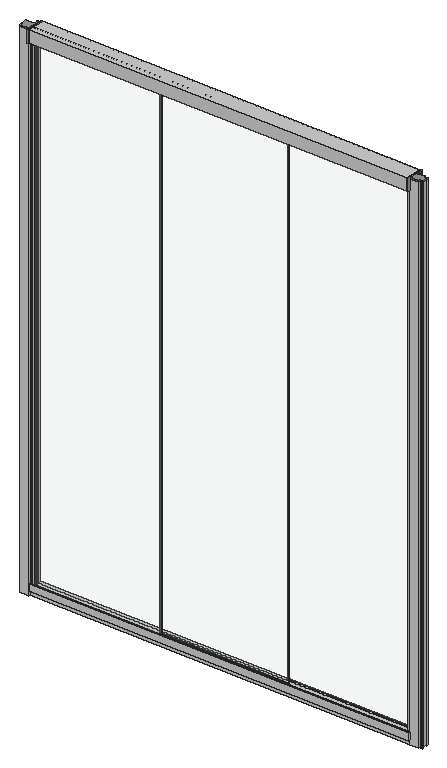
Revit family "Sanitary_Shower-screens_Duscholux_Plus Evolution_3-Slider-doors-shower", category Plumbing Fixtures, Revit 2016
Family settings
  Part Type = Normal
  Round Connector Dimension = Use Diameter
  OmniClass Number = 23.45.00.00
  OmniClass Title = Sanitary, Laundry, and Cleaning Equipment
  Work Plane-Based = No
  Always vertical = Yes
  Cut with Voids When Loaded = No
  Shared = No
  Room Calculation Point = No
Parameters (values of type "Silver Matt Aluminium Finish")
  Width = 1500 mm
  Uniclass 2015 Description = "Shower Enclosures"
  Uniclass 2015 Code = "PR-40-20-06-79"
  URL = "http://www.duscholux.es/"
  UNSPSC Code = "30181507"
  Thickness Safety Glass Sliding = 5 mm  # constant formula
  Thickness Safety Glass Fixed Panel = 5 mm  # constant formula
  Technical Inspection Certificate (Applus) = "http://www.duscholux.es/resources/custom/var/APPLUS_en.pdf"
  Sliding Door Width = ((Min Max Width - 55.3 mm - 42.5 mm) / 3) + 14 mm  # 481.4 mm
  Series = "Plus Evolution"
  Region South America = "Consult"
  Region Oceania = "Consult"
  Region North America = "Consult"
  Region Middle East = "Consult"
  Region Europe = "AD, ES, FR, PT"
  Region Asia = "Consult"
  Region Antartica = "Consult"
  Region Africa = "Consult"
  Ref. = "7BI / 7BD"
  Products = "http://www.duscholux.es/mamparas_filtro.aspx?es"
  Product group = "Front for shower"
  Product family = "Plus Evolution"
  Optional = "Towel rail / Shelf"
  Opening System Image = "http://blob.duscholux.es/pluma512/FDIzq3pcorredera.gif"
  Opening System = "Sliding"
  Opening Percentage = 0
  Opening Door 2 = (((Min Max Width - 97.8 mm) / 3) - 37 mm) * Opening Percentage / 100  # 0 mm
  Opening Door 1 = ((((Min Max Width - 97.8 mm) / 3) * 2) - 74 mm) * Opening Percentage / 100  # 0 mm
  Net Weight (Kg) = 60
  NBS Reference Description = "Shower Enclosures"
  NBS Reference Code = "45-35-70"
  Model = ""
  Min Max Width = if(Width < 660 mm, 660 mm, if(Width > 1900 mm, 1900 mm, Width))  # 1500 mm
  Max Height = if(Height > 2100 mm, 2100 mm, Height)  # 1900 mm
  Manufacturer name = "Duscholux Ibérica, S.A."
  Manufacturer country = "Spain"
  Maintenance and Cleaning = "http://www.duscholux.es/mamparas_limpieza.aspx?en"
  Image = "https://www.duscholux.es/resources/custom/img/mamparas/PLUS%20EVOLUTION/modelos/0F3PFDC/mampara_h.jpg"
  IFC Classification = "Furnishing Element"
  Height = 1900 mm
  Handle Material = Silver Matt Aluminium Finish
  Glass in Building UNE EN 12150 = "CE Conformity marking"
  Glass Material = Glass_Material-Duscholux
  Frame Material = Silver Matt Aluminium Finish
  Fact Sheet = "http://blob.duscholux.es/enpdf2018/PlusEvo3PFD.pdf"
  Manufacturer = "Duscholux Ibérica, S.A."
  Environmental Management ISO 14001 = "ECOEMBES Certificate"
  Edition number = "1"
  Design country = "Spain / Germany"
  Description = "Front 1 fixed + 2 sliding doors shower"
  Date of publishing = ""
  Assembly Code = "C1030200"
  Configuration enclosure = "http://configuratumampara.duscholux.es/eCatalogo.aspx"
  Components = "Eropean components"
  Type Comments = ""
  Combinations = "Lateral 90°"
  Certified Quality UNE EN 14428 = "http://www.duscholux.es/duscholux_downloads.aspx?es"
  COBIe Type Category = ""
  Brand = "Duscholux"
  Anti-Lime Treatment = "FeelNet 3D Included"
  Accesories Material = Plastic, Gray
Types (4, lengths in mm): name | Handle Material | Frame Material | Accesories Material
  (no name) | Silver Matt Aluminium Finish | Silver Matt Aluminium Finish | Plastic, Gray
  Platinum Aluminium Finish | Silver Matt Aluminium Finish | Platinum Aluminium Finish | Plastic, Gray
  White Aluminium Finish | White Finish | White Aluminium Finish | White Finish
  Silver Matt Aluminium Finish | Silver Matt Aluminium Finish | Silver Matt Aluminium Finish | Plastic, Gray
Reference planes
  plane 1 "Centro (Frontal/Posterior)": y = 0
  plane 2: z = 0
  plane 3 "Centro (Izquierda/Derecha)": x = 0
  plane 4: z = 1854.85
  plane 5: z = 1900
  plane 6: x = 1500
  plane 7: z = 1895
  plane 8: x = 0
  plane 9: z = 1849.85
  plane 10: z = 25
  plane 11: y = 10.736
  plane 12: x = 34.548
  plane 13: x = 39.548
  plane 14: x = 1457.402
  plane 15: x = 1452.402
  plane 16: x = 1444.715
  plane 17: x = 42.549
  plane 18: x = 977.327
  plane 19: x = 509.938
  plane 20: x = 523.968
  plane 21: x = 963.297
  plane 22: x = 502.918
  plane 23: x = 984.347
Forms (mm)
  Extrusion 1, solid, material "Silver Matt Aluminium Finish" <- "Frame Material"
    sketch origin (0, -4.455, 0) x (1, 0, 0) y (0, 1, 0)
      loop
        line (0, 16.055) -> (0, 14.555) -> (1.997, 14.555) -> (1.997, -5.645) -> (0, -5.645) -> (0, -7.145) -> (31.748, -7.145) -> (31.748, -5.645) -> (3.498, -5.645) -> (3.498, 14.555) -> (31.748, 14.555) -> (31.748, 16.055) -> (0, 16.055)
    from 0 to 1895
  Extrusion 2, solid, material "Glass_Material-Duscholux" <- "Glass Material"
    sketch origin (0, -8.762, 0) x (1, 0, 0) y (0, 1, 0)
      loop
        line (42.549, 2.683) -> (42.549, -2.317) -> (523.968, -2.317) -> (523.968, 2.683) -> (42.549, 2.683)
    from 25 to 1849.85
  Extrusion 3, solid, material "Silver Matt Aluminium Finish" <- "Frame Material"
    sketch origin (0, -8.746, 0) x (1, 0, 0) y (0, 1, 0)
      loop
        line (3.498, 21.846) -> (3.498, 20.496) -> (32.498, 20.496) -> (32.498, -3.004) -> (1.698, -3.004) -> (1.698, -9.525) -> (34.548, -9.525) -> (34.548, 21.846) -> (31.348, 21.846) -> (31.348, 37.996) -> (33.14, 37.996) -> (33.551, 36.259) -> (34.548, 36.259) -> (34.548, 39.496) -> (27.298, 39.496) -> (27.298, 38.196) -> (29.998, 38.196) -> (29.998, 21.846) -> (3.498, 21.846)
    from 0 to 1895
  Extrusion 4, solid, material "Silver Matt Aluminium Finish" <- "Frame Material"
    sketch origin (1600, -4.455, 0) x (-1, 0, 0) y (0, -1, 0)
      loop
        line (100, -16.055) -> (131.748, -16.055) -> (131.748, -14.555) -> (103.498, -14.555) -> (103.498, 5.645) -> (131.748, 5.645) -> (131.748, 7.145) -> (100, 7.145) -> (100, 5.645) -> (101.997, 5.645) -> (101.997, -14.555) -> (100, -14.555) -> (100, -16.055)
    from 0 to 1895
  Extrusion 5, solid, material "Silver Matt Aluminium Finish" <- "Frame Material"
    sketch origin (-99.386, 0, 0) x (1, 0, 0) y (0, 1, 0)
      loop
        line (1535.452, 35.484) -> (1535.452, 52.034) -> (1534.102, 52.034) -> (1534.102, 34.084) -> (1544.102, 34.084) -> (1544.102, 26.384) -> (1534.102, 26.384) -> (1534.102, 23.668) -> (1527.602, 17.168) -> (1527.602, 8.534) -> (1528.852, 8.534) -> (1528.852, 16.509) -> (1535.048, 22.706) -> (1545.16, 12.594) -> (1546.555, 13.989) -> (1548.238, 12.306) -> (1553.046, 17.115) -> (1551.363, 18.798) -> (1553.221, 20.655) -> (1551.102, 22.774) -> (1551.102, 35.484) -> (1535.452, 35.484)
    from 25 to 1854.85
  Extrusion 6, solid, material "Glass_Material-Duscholux" <- "Glass Material"
    sketch origin (-927.433, 0, 0) x (1, 0, 0) y (0, 1, 0)
      loop
        line (2372.148, 27.734) -> (2372.148, 32.734) -> (1890.748, 32.734) -> (1890.748, 27.734) -> (2372.148, 27.734)
    from 25 to 1849.85
  Extrusion 7, solid, material "Glass_Material-Duscholux" <- "Glass Material"
    sketch origin (-430.369, 0, 0) x (1, 0, 0) y (0, 1, 0)
      loop
        line (933.315, 13.236) -> (933.315, 8.236) -> (1414.715, 8.236) -> (1414.715, 13.236) -> (933.315, 13.236)
    from 25 to 1849.85
  Extrusion 8, solid, material "Silver Matt Aluminium Finish" <- "Frame Material"
    sketch origin (0, 0, 0) x (1, 0, 0) y (0, 1, 0)
      loop
        line (1488.452, 13.1) -> (1461.952, 13.1) -> (1461.952, 29.45) -> (1464.652, 29.45) -> (1464.652, 30.75) -> (1457.402, 30.75) -> (1457.402, -18.282) -> (1490.252, -18.282) -> (1490.252, -11.75) -> (1468.252, -11.75) -> (1468.252, 11.75) -> (1488.452, 11.75) -> (1488.452, 13.1)
    from 0 to 1895
  Extrusion 9, solid, material "Plastic, Gray" <- "Accesories Material"
    sketch origin (0, 0, 0) x (1, 0, 0) y (0, 1, 0)
      loop
        line (1457.402, 30.75) -> (1453.89, 17.345) -> (1449.02, 12.475) -> (1448.067, 10.174) -> (1457.402, -5.535) -> (1457.402, 30.75)
    from 25 to 1854.85
  Extrusion 10, solid, material "Silver Matt Aluminium Finish" <- "Frame Material"
    sketch origin (0, 248.014, 0) x (0, 1, 0) y (0, 0, 1)
      loop
        line (-263.282, 0) -> (-243.282, 0) -> (-243.282, 25) -> (-263.282, 25) -> (-263.282, 40) -> (-268.282, 40) -> (-268.282, 15) -> (-263.282, 15) -> (-263.282, 0)
    from 34.548 to 1457.402
  Extrusion 11, solid, material "Silver Matt Aluminium Finish" <- "Frame Material"
    sketch origin (0, -77.95, 0) x (0, 1, 0) y (0, 0, 1)
      loop
        line (112.034, 0) -> (112.034, 25) -> (102.034, 25) -> (97.034, 15) -> (97.034, 0) -> (112.034, 0)
    from 34.548 to 1457.402
  Extrusion 12, solid, material "Silver Matt Aluminium Finish" <- "Frame Material"
    sketch origin (0, 0, 0) x (1, 0, 0) y (0, 1, 0)
      loop
        line (34.548, -2.268) -> (34.548, -15.257) -> (52.049, -14.012) -> (52.049, -12.618) -> (42.549, -12.618) -> (42.549, -4.907) -> (52.049, -4.907) -> (52.049, -3.512) -> (34.548, -2.268)
    from 25 to 1854.85
  Extrusion 13, solid, material "Silver Matt Aluminium Finish" <- "Frame Material"
    sketch origin (0, 101.418, 0) x (0, 1, 0) y (0, 0, 1)
      loop
        line (-128.489, 1900) -> (-128.489, 1854.85) -> (-126.946, 1854.85) -> (-126.946, 1898.499) -> (-107.496, 1898.499) -> (-107.496, 1867.202) -> (-105.496, 1867.202) -> (-105.496, 1898.499) -> (-96.383, 1898.499) -> (-87.27, 1898.499) -> (-87.27, 1867.202) -> (-85.27, 1867.202) -> (-85.27, 1898.499) -> (-65.821, 1898.499) -> (-65.821, 1854.85) -> (-64.278, 1854.85) -> (-64.278, 1900) -> (-128.489, 1900)
    from 39.694 to 1452.402
  Extrusion 14, solid, material "Plastic, Gray" <- "Accesories Material"
    sketch origin (0, 101.418, 0) x (0, 1, 0) y (0, 0, 1)
      loop
        line (-128.489, 1900) -> (-128.489, 1854.85) -> (-64.278, 1854.85) -> (-64.278, 1900) -> (-128.489, 1900)
    from 34.548 to 39.548
  Extrusion 15, solid, material "Plastic, Gray" <- "Accesories Material"
    sketch origin (0, 0, 0) x (1, 0, 0) y (0, 1, 0)
      loop
        line (34.548, 30.75) -> (27.298, 30.75) -> (27.298, 29.45) -> (29.998, 29.45) -> (29.998, 13.1) -> (3.498, 13.1) -> (3.498, 11.6) -> (0, 11.6) -> (0, -11.6) -> (1.698, -11.6) -> (1.698, -18.271) -> (34.548, -18.271) -> (34.548, 30.75)
    from 1895 to 1900
  Extrusion 16, solid, material "Plastic, Gray" <- "Accesories Material"
    sketch origin (0, 0, 0) x (1, 0, 0) y (0, 1, 0)
      loop
        line (1457.402, 30.75) -> (1457.402, -18.282) -> (1490.252, -18.282) -> (1490.252, -11.6) -> (1500, -11.6) -> (1500, 11.6) -> (1488.452, 11.6) -> (1488.452, 13.1) -> (1461.952, 13.1) -> (1461.952, 29.45) -> (1464.652, 29.45) -> (1464.652, 30.75) -> (1457.402, 30.75)
    from 1895 to 1900
  Extrusion 17, solid, material "Plastic, Gray" <- "Accesories Material"
    sketch origin (0, 101.418, 0) x (0, 1, 0) y (0, 0, 1)
      loop
        line (-128.489, 1900) -> (-128.489, 1854.85) -> (-64.278, 1854.85) -> (-64.278, 1900) -> (-128.489, 1900)
    from 1452.402 to 1457.402
Dimensions and locks
  "Max Height": plane 5 to plane 2
  "Min Max Width": plane 3 "Centro (Izquierda/Derecha)" to plane 6
  locked: plane 5 to plane 4 at 45.15
  locked: plane 5 to plane 7 at 5
  locked: plane 5 to plane 9 at 50.15
  locked: plane 2 to plane 10 at 25
  locked: plane 8 to plane 12 at 34.548
  locked: plane 12 to plane 13 at 5
  locked: plane 14 to plane 6 at 42.598
  locked: plane 15 to plane 14 at 5
  locked: plane 8 to plane 17 at 42.549
  locked: plane 16 to plane 6 at 55.285
  equal spacing: plane 17, plane 19, plane 18, plane 16
  "Sliding Door Width": Extrusion 7 to Extrusion 7
  "Sliding Door Width": Extrusion 6 to Extrusion 6
  locked: plane 19 to plane 20 at 14.03
  locked: plane 22 to plane 19 at 7.02
  locked: plane 21 to plane 18 at 14.03
  locked: plane 18 to plane 23 at 7.02
  "Opening Door 1": Extrusion 6 to plane 16
  "Opening Door 2": Extrusion 7 to plane 23
  "Thickness Safety Glass Fixed Panel": Extrusion 2 to Extrusion 13
  "Thickness Safety Glass Sliding": Extrusion 7 to Extrusion 7
  "Thickness Safety Glass Sliding": Extrusion 6 to Extrusion 6
  aligned and locked: level to plane 2
  aligned and locked: plane 7 to Extrusion 1
  aligned and locked: Extrusion 3 to Extrusion 1
  aligned and locked: plane 9 to Extrusion 2
  aligned and locked: Extrusion 6 to Extrusion 2  (x2)
  aligned and locked: Extrusion 7 to Extrusion 6
  aligned and locked: Extrusion 10 to Extrusion 3
  aligned and locked: Extrusion 10 to Extrusion 8
  aligned and locked: plane 7 to Extrusion 8
  aligned and locked: Extrusion 9 to Extrusion 10
  aligned and locked: plane 10 to Extrusion 5
  aligned and locked: Extrusion 12 to Extrusion 10
  aligned and locked: plane 4 to Extrusion 12
  aligned and locked: plane 10 to Extrusion 2
  aligned and locked: plane 10 to Extrusion 7
  aligned and locked: Extrusion 11 to Extrusion 8
  aligned and locked: Extrusion 14 to plane 12
  aligned and locked: plane 13 to Extrusion 14
  aligned and locked: Extrusion 15 to plane 7
  aligned and locked: plane 5 to Extrusion 15
  aligned and locked: Extrusion 16 to plane 7
  aligned and locked: plane 5 to Extrusion 16
  aligned and locked: Extrusion 17 to plane 15
  aligned and locked: plane 14 to Extrusion 17
  aligned and locked: plane 15 to Extrusion 13
  aligned and locked: plane 7 to Extrusion 4
  aligned and locked: plane 4 to Extrusion 9
  aligned and locked: plane 20 to Extrusion 2
  aligned and locked: Extrusion 2 to plane 17
  aligned and locked: Extrusion 16 to plane 14
  aligned and locked: Extrusion 8 to plane 14
  aligned and locked: Extrusion 5 to Extrusion 6
  aligned and locked: plane 4 to Extrusion 5
Automatic sketch dimensions
  Extrusion 5 sketch curve to Extrusion 5 sketch curve = 15.65 mm
  Extrusion 5 sketch curve to Extrusion 5 sketch curve = 12.71 mm
  Extrusion 5 sketch curve to Extrusion 5 sketch curve = 7 mm
  Extrusion 5 sketch curve to Extrusion 5 sketch curve = 1.4 mm
  Extrusion 5 sketch curve to Extrusion 5 sketch curve = 1.35 mm
  Extrusion 5 sketch curve to Extrusion 5 sketch curve = 7.701 mm
  Extrusion 5 sketch curve to Extrusion 5 sketch curve = 16.55 mm
  Extrusion 5 sketch curve to Extrusion 5 sketch curve = 0 mm
  Extrusion 5 sketch curve to Extrusion 5 sketch curve = 2.119 mm
  Extrusion 5 sketch curve to Extrusion 5 sketch curve = 0.963 mm
  Extrusion 5 sketch curve to Extrusion 5 sketch curve = 1.25 mm
  Extrusion 5 sketch curve to Extrusion 5 sketch curve = 7.975 mm
  Extrusion 5 sketch curve to Extrusion 5 sketch curve = 5.25 mm
  Extrusion 5 sketch curve to Extrusion 5 sketch curve = 0.947 mm
  Extrusion 5 sketch curve to Extrusion 5 sketch curve = 8.061 mm
  Extrusion 5 sketch curve to Extrusion 5 sketch curve = 1.395 mm
  Extrusion 5 sketch curve to Extrusion 5 sketch curve = 1.683 mm  (x2)
  Extrusion 5 sketch curve to Extrusion 5 sketch curve = 1.857 mm
  Extrusion 5 sketch curve to Extrusion 5 sketch curve = 3.773 mm
  Extrusion 5 sketch curve to Extrusion 5 sketch curve = 0.659 mm
  Extrusion 1 sketch curve to plane 3 "Centro (Izquierda/Derecha)" = 0 mm  (x2)
  plane 3 "Centro (Izquierda/Derecha)" to Extrusion 1 sketch curve = 1.997 mm
  Extrusion 1 sketch curve to Extrusion 1 sketch curve = 1.502 mm
  Extrusion 1 sketch curve to plane 11 = 0.864 mm
  Extrusion 1 sketch curve to plane 12 = 2.8 mm  (x2)
  plane 11 to Extrusion 1 sketch curve = 0.636 mm  (x2)
  plane 1 "Centro (Frontal/Posterior)" to Extrusion 1 sketch curve = 10.1 mm
  Extrusion 1 sketch curve to Extrusion 1 sketch curve = 0 mm
  Extrusion 1 sketch curve to Extrusion 1 sketch curve = 1.5 mm
  Extrusion 2 sketch curve to plane 17 = 0 mm
  Extrusion 2 sketch curve to plane 20 = 0 mm
  plane 1 "Centro (Frontal/Posterior)" to Extrusion 2 sketch curve = 11.079 mm
  Extrusion 2 sketch curve to Extrusion 2 sketch curve = 5 mm
  Extrusion 3 sketch curve to plane 12 = 0 mm  (x2)
  Extrusion 3 sketch curve to Extrusion 3 sketch curve = 0.997 mm
  Extrusion 3 sketch curve to plane 12 = 1.408 mm
  Extrusion 3 sketch curve to plane 12 = 2.05 mm
  Extrusion 3 sketch curve to Extrusion 3 sketch curve = 1.792 mm
  Extrusion 3 sketch curve to Extrusion 3 sketch curve = 1.35 mm
  Extrusion 3 sketch curve to Extrusion 3 sketch curve = 2.7 mm
  plane 3 "Centro (Izquierda/Derecha)" to Extrusion 3 sketch curve = 3.498 mm
  plane 3 "Centro (Izquierda/Derecha)" to Extrusion 3 sketch curve = 1.698 mm
  plane 1 "Centro (Frontal/Posterior)" to Extrusion 3 sketch curve = 18.271 mm
  Extrusion 3 sketch curve to Extrusion 3 sketch curve = 6.521 mm
  Extrusion 3 sketch curve to plane 11 = 1.014 mm
  Extrusion 3 sketch curve to plane 11 = 2.364 mm
  Extrusion 3 sketch curve to Extrusion 3 sketch curve = 0 mm
  Extrusion 3 sketch curve to Extrusion 3 sketch curve = 14.413 mm
  Extrusion 3 sketch curve to Extrusion 3 sketch curve = 1.737 mm
  Extrusion 3 sketch curve to Extrusion 3 sketch curve = 0.2 mm
  Extrusion 3 sketch curve to Extrusion 3 sketch curve = 1.5 mm
  Extrusion 4 sketch curve to plane 6 = 0 mm  (x2)
  plane 6 to Extrusion 4 sketch curve = 1.997 mm
  Extrusion 4 sketch curve to Extrusion 4 sketch curve = 1.502 mm
  plane 11 to Extrusion 4 sketch curve = 0.864 mm
  Extrusion 4 sketch curve to plane 14 = 10.85 mm  (x2)
  Extrusion 4 sketch curve to plane 11 = 0.636 mm  (x2)
  Extrusion 4 sketch curve to plane 1 "Centro (Frontal/Posterior)" = 10.1 mm
  Extrusion 4 sketch curve to Extrusion 4 sketch curve = 0 mm
  Extrusion 4 sketch curve to Extrusion 4 sketch curve = 1.5 mm
  Extrusion 6 sketch curve to plane 16 = 0 mm
  plane 21 to Extrusion 6 sketch curve = 0.019 mm
  Extrusion 6 sketch curve to plane 11 = 16.998 mm
  Extrusion 6 sketch curve to Extrusion 6 sketch curve = 5 mm
  Extrusion 7 sketch curve to plane 23 = 0 mm
  plane 22 to Extrusion 7 sketch curve = 0.029 mm
  plane 11 to Extrusion 7 sketch curve = 2.5 mm
  Extrusion 7 sketch curve to plane 11 = 2.5 mm
  Extrusion 8 sketch curve to plane 14 = 0 mm
  plane 14 to Extrusion 8 sketch curve = 4.55 mm
  Extrusion 8 sketch curve to Extrusion 8 sketch curve = 2.7 mm
  Extrusion 8 sketch curve to plane 11 = 1.014 mm
  Extrusion 8 sketch curve to Extrusion 8 sketch curve = 6.3 mm
  Extrusion 8 sketch curve to plane 11 = 2.364 mm
  Extrusion 8 sketch curve to plane 6 = 11.548 mm
  Extrusion 8 sketch curve to plane 6 = 9.748 mm
  plane 1 "Centro (Frontal/Posterior)" to Extrusion 8 sketch curve = 11.75 mm
  Extrusion 8 sketch curve to Extrusion 8 sketch curve = 6.532 mm
  Extrusion 8 sketch curve to Extrusion 8 sketch curve = 16.35 mm
  Extrusion 8 sketch curve to Extrusion 8 sketch curve = 1.3 mm
  Extrusion 9 sketch curve to plane 14 = 0 mm
  plane 15 to Extrusion 9 sketch curve = 1.488 mm
  Extrusion 9 sketch curve to plane 15 = 3.381 mm
  plane 11 to Extrusion 9 sketch curve = 0.561 mm
  Extrusion 9 sketch curve to Extrusion 9 sketch curve = 0.953 mm
  plane 1 "Centro (Frontal/Posterior)" to Extrusion 9 sketch curve = 5.535 mm
  Extrusion 9 sketch curve to plane 11 = 1.739 mm
  Extrusion 9 sketch curve to plane 11 = 6.609 mm
  Extrusion 9 sketch curve to Extrusion 9 sketch curve = 13.405 mm
  Extrusion 10 sketch curve to level = 0 mm
  plane 10 to Extrusion 10 sketch curve = 0 mm
  plane 1 "Centro (Frontal/Posterior)" to Extrusion 10 sketch curve = 20.267 mm
  Extrusion 10 sketch curve to Extrusion 10 sketch curve = 5 mm  (x2)
  Extrusion 10 sketch curve to plane 1 "Centro (Frontal/Posterior)" = 4.733 mm
  Extrusion 10 sketch curve to Extrusion 10 sketch curve = 10 mm
  Extrusion 10 sketch curve to plane 10 = 15 mm
  Extrusion 11 sketch curve to level = 0 mm
  plane 10 to Extrusion 11 sketch curve = 0 mm
  Extrusion 11 sketch curve to plane 11 = 8.348 mm
  Extrusion 11 sketch curve to Extrusion 11 sketch curve = 5 mm
  Extrusion 11 sketch curve to Extrusion 11 sketch curve = 10 mm
  plane 10 to Extrusion 11 sketch curve = 10 mm
  Extrusion 12 sketch curve to plane 12 = 0 mm
  Extrusion 12 sketch curve to plane 17 = 0 mm
  plane 17 to Extrusion 12 sketch curve = 9.5 mm
  Extrusion 12 sketch curve to Extrusion 12 sketch curve = 0 mm
  plane 1 "Centro (Frontal/Posterior)" to Extrusion 12 sketch curve = 15.257 mm
  plane 1 "Centro (Frontal/Posterior)" to Extrusion 12 sketch curve = 14.012 mm
  Extrusion 12 sketch curve to Extrusion 12 sketch curve = 1.395 mm  (x2)
  plane 1 "Centro (Frontal/Posterior)" to Extrusion 12 sketch curve = 4.907 mm
  plane 1 "Centro (Frontal/Posterior)" to Extrusion 12 sketch curve = 2.268 mm
  Extrusion 13 sketch curve to plane 5 = 0 mm
  Extrusion 13 sketch curve to plane 4 = 0 mm  (x2)
  plane 1 "Centro (Frontal/Posterior)" to Extrusion 13 sketch curve = 27.071 mm
  Extrusion 13 sketch curve to Extrusion 13 sketch curve = 1.542 mm  (x2)
  plane 1 "Centro (Frontal/Posterior)" to Extrusion 13 sketch curve = 6.079 mm
  Extrusion 13 sketch curve to Extrusion 13 sketch curve = 2 mm  (x2)
  Extrusion 13 sketch curve to plane 5 = 1.501 mm  (x3)
  Extrusion 13 sketch curve to plane 1 "Centro (Frontal/Posterior)" = 5.034 mm
  Extrusion 13 sketch curve to plane 11 = 3.411 mm
  Extrusion 13 sketch curve to Extrusion 13 sketch curve = 19.45 mm
  plane 4 to Extrusion 13 sketch curve = 12.352 mm  (x2)
  Extrusion 14 sketch curve to plane 4 = 0 mm
  Extrusion 14 sketch curve to plane 5 = 0 mm
  plane 1 "Centro (Frontal/Posterior)" to Extrusion 14 sketch curve = 27.071 mm
  Extrusion 14 sketch curve to plane 11 = 26.404 mm
  Extrusion 15 sketch curve to plane 3 "Centro (Izquierda/Derecha)" = 0 mm
  Extrusion 15 sketch curve to plane 12 = 0 mm
  plane 3 "Centro (Izquierda/Derecha)" to Extrusion 15 sketch curve = 1.698 mm
  Extrusion 15 sketch curve to plane 11 = 0.864 mm
  plane 3 "Centro (Izquierda/Derecha)" to Extrusion 15 sketch curve = 3.498 mm
  Extrusion 15 sketch curve to plane 12 = 7.25 mm
  Extrusion 15 sketch curve to plane 12 = 4.55 mm
  plane 1 "Centro (Frontal/Posterior)" to Extrusion 15 sketch curve = 11.6 mm
  plane 1 "Centro (Frontal/Posterior)" to Extrusion 15 sketch curve = 18.271 mm
  Extrusion 15 sketch curve to Extrusion 15 sketch curve = 1.5 mm
  Extrusion 15 sketch curve to Extrusion 15 sketch curve = 16.35 mm
  Extrusion 15 sketch curve to Extrusion 15 sketch curve = 1.3 mm
  Extrusion 16 sketch curve to plane 14 = 0 mm
  Extrusion 16 sketch curve to plane 6 = 0 mm
  plane 14 to Extrusion 16 sketch curve = 4.55 mm
  Extrusion 16 sketch curve to Extrusion 16 sketch curve = 2.7 mm
  Extrusion 16 sketch curve to plane 11 = 0.864 mm
  Extrusion 16 sketch curve to plane 6 = 11.548 mm
  Extrusion 16 sketch curve to plane 6 = 9.748 mm
  plane 1 "Centro (Frontal/Posterior)" to Extrusion 16 sketch curve = 11.6 mm
  plane 1 "Centro (Frontal/Posterior)" to Extrusion 16 sketch curve = 18.282 mm
  Extrusion 16 sketch curve to Extrusion 16 sketch curve = 1.5 mm
  Extrusion 16 sketch curve to Extrusion 16 sketch curve = 16.35 mm
  Extrusion 16 sketch curve to Extrusion 16 sketch curve = 1.3 mm
  Extrusion 17 sketch curve to plane 4 = 0 mm
  Extrusion 17 sketch curve to plane 5 = 0 mm
  plane 1 "Centro (Frontal/Posterior)" to Extrusion 17 sketch curve = 27.071 mm
  Extrusion 17 sketch curve to plane 11 = 26.404 mm
  Extrusion 5 sketch curve to plane 16 = 0 mm
  plane 11 to Extrusion 5 sketch curve = 2.202 mm
